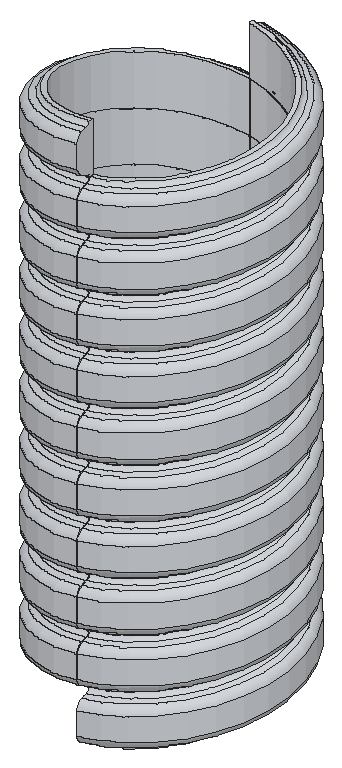
Revit family "110611-00014 Муфта соединительная резьбовая ССД-Пайп 63 мм", category Обобщенные модели, Revit 2019 (continued)
Automatic sketch dimensions
  profile plane to SweptBlend 16 sketch curve = 28.957 mm
  SweptBlend 16 sketch curve to SweptBlend 16 sketch curve = 0.469 mm  (x2)
  SweptBlend 16 sketch curve to SweptBlend 16 sketch curve = 0.61 mm  (x4)
  SweptBlend 16 sketch curve to SweptBlend 16 sketch curve = 2.183 mm  (x2)
  SweptBlend 16 sketch curve to SweptBlend 16 sketch curve = 5.322 mm  (x2)
  SweptBlend 16 sketch curve to SweptBlend 16 sketch curve = 0.824 mm  (x2)
  SweptBlend 16 sketch curve to SweptBlend 16 sketch curve = 1.222 mm  (x2)
  SweptBlend 16 sketch curve to SweptBlend 16 sketch curve = 1.998 mm  (x2)
  SweptBlend 16 sketch curve to SweptBlend 16 sketch curve = 1.06 mm  (x2)
  SweptBlend 16 sketch curve to SweptBlend 16 sketch curve = 1.094 mm  (x2)
  SweptBlend 16 sketch curve to SweptBlend 16 sketch curve = 1.676 mm  (x2)
  SweptBlend 16 sketch curve to SweptBlend 16 sketch curve = 1.122 mm  (x2)
  profile plane to SweptBlend 16 sketch curve = 43.957 mm
  SweptBlend 15 sketch curve to SweptBlend 15 sketch curve = 1.094 mm
  profile plane to SweptBlend 15 sketch curve = 43.957 mm
  SweptBlend 15 sketch curve to SweptBlend 15 sketch curve = 2.183 mm
  profile plane to SweptBlend 17 sketch curve = 9.5 mm  (x2)
  SweptBlend 17 sketch curve to SweptBlend 17 sketch curve = 1.998 mm  (x4)
  SweptBlend 17 sketch curve to SweptBlend 17 sketch curve = 1.06 mm  (x4)
  SweptBlend 17 sketch curve to SweptBlend 17 sketch curve = 3.092 mm  (x3)
  SweptBlend 17 sketch curve to SweptBlend 17 sketch curve = 1.676 mm  (x4)
  SweptBlend 17 sketch curve to SweptBlend 17 sketch curve = 1.122 mm  (x4)
  SweptBlend 17 sketch curve to SweptBlend 17 sketch curve = 1.305 mm  (x2)
  profile plane to SweptBlend 17 sketch curve = 28.957 mm
  SweptBlend 17 sketch curve to SweptBlend 17 sketch curve = 0.469 mm  (x2)
  SweptBlend 17 sketch curve to SweptBlend 17 sketch curve = 0.61 mm  (x4)
  SweptBlend 17 sketch curve to SweptBlend 17 sketch curve = 3.007 mm
  SweptBlend 17 sketch curve to SweptBlend 17 sketch curve = 5.322 mm  (x2)
  SweptBlend 17 sketch curve to SweptBlend 17 sketch curve = 0.824 mm  (x2)
  SweptBlend 17 sketch curve to SweptBlend 17 sketch curve = 1.222 mm  (x2)
  profile plane to SweptBlend 18 sketch curve = 9.5 mm  (x2)
  profile plane to SweptBlend 18 sketch curve = 7.502 mm  (x2)
  profile plane to SweptBlend 18 sketch curve = 6.443 mm  (x2)
  profile plane to SweptBlend 18 sketch curve = 6.408 mm  (x2)
  profile plane to SweptBlend 18 sketch curve = 5.827 mm  (x2)
  profile plane to SweptBlend 18 sketch curve = 4.705 mm  (x2)
  SweptBlend 18 sketch curve to SweptBlend 18 sketch curve = 1.305 mm  (x2)
  profile plane to SweptBlend 18 sketch curve = 28.957 mm
  SweptBlend 18 sketch curve to SweptBlend 18 sketch curve = 0.469 mm  (x2)
  SweptBlend 18 sketch curve to SweptBlend 18 sketch curve = 0.61 mm  (x4)
  SweptBlend 18 sketch curve to SweptBlend 18 sketch curve = 2.183 mm  (x2)
  SweptBlend 18 sketch curve to SweptBlend 18 sketch curve = 5.322 mm  (x2)
  SweptBlend 18 sketch curve to SweptBlend 18 sketch curve = 0.824 mm  (x2)
  SweptBlend 18 sketch curve to SweptBlend 18 sketch curve = 1.222 mm  (x2)
  SweptBlend 18 sketch curve to SweptBlend 18 sketch curve = 1.998 mm  (x2)
  SweptBlend 18 sketch curve to SweptBlend 18 sketch curve = 1.06 mm  (x2)
  SweptBlend 18 sketch curve to SweptBlend 18 sketch curve = 1.094 mm  (x2)
  SweptBlend 18 sketch curve to SweptBlend 18 sketch curve = 1.676 mm  (x2)
  SweptBlend 18 sketch curve to SweptBlend 18 sketch curve = 1.122 mm  (x2)
  profile plane to SweptBlend 18 sketch curve = 43.957 mm
  SweptBlend 17 sketch curve to SweptBlend 17 sketch curve = 1.094 mm
  profile plane to SweptBlend 17 sketch curve = 43.957 mm
  SweptBlend 17 sketch curve to SweptBlend 17 sketch curve = 2.183 mm
  profile plane to SweptBlend 19 sketch curve = 9.5 mm  (x2)
  SweptBlend 19 sketch curve to SweptBlend 19 sketch curve = 1.998 mm  (x4)
  SweptBlend 19 sketch curve to SweptBlend 19 sketch curve = 1.06 mm  (x4)
  SweptBlend 19 sketch curve to SweptBlend 19 sketch curve = 3.092 mm  (x3)
  SweptBlend 19 sketch curve to SweptBlend 19 sketch curve = 1.676 mm  (x4)
  SweptBlend 19 sketch curve to SweptBlend 19 sketch curve = 1.122 mm  (x4)
  SweptBlend 19 sketch curve to SweptBlend 19 sketch curve = 1.305 mm  (x2)
  profile plane to SweptBlend 19 sketch curve = 28.957 mm
  SweptBlend 19 sketch curve to SweptBlend 19 sketch curve = 0.469 mm  (x2)
  SweptBlend 19 sketch curve to SweptBlend 19 sketch curve = 0.61 mm  (x4)
  SweptBlend 19 sketch curve to SweptBlend 19 sketch curve = 3.007 mm
  SweptBlend 19 sketch curve to SweptBlend 19 sketch curve = 5.322 mm  (x2)
  SweptBlend 19 sketch curve to SweptBlend 19 sketch curve = 0.824 mm  (x2)
  SweptBlend 19 sketch curve to SweptBlend 19 sketch curve = 1.222 mm  (x2)
  profile plane to SweptBlend 20 sketch curve = 9.5 mm  (x2)
  profile plane to SweptBlend 20 sketch curve = 7.502 mm  (x2)
  profile plane to SweptBlend 20 sketch curve = 6.443 mm  (x2)
  profile plane to SweptBlend 20 sketch curve = 6.408 mm  (x2)
  profile plane to SweptBlend 20 sketch curve = 5.827 mm  (x2)
  profile plane to SweptBlend 20 sketch curve = 4.705 mm  (x2)
  SweptBlend 20 sketch curve to SweptBlend 20 sketch curve = 1.305 mm  (x2)
  profile plane to SweptBlend 20 sketch curve = 28.957 mm
  SweptBlend 20 sketch curve to SweptBlend 20 sketch curve = 0.469 mm  (x2)
  SweptBlend 20 sketch curve to SweptBlend 20 sketch curve = 0.61 mm  (x4)
  SweptBlend 20 sketch curve to SweptBlend 20 sketch curve = 2.183 mm  (x2)
  SweptBlend 20 sketch curve to SweptBlend 20 sketch curve = 5.322 mm  (x2)
  SweptBlend 20 sketch curve to SweptBlend 20 sketch curve = 0.824 mm  (x2)
  SweptBlend 20 sketch curve to SweptBlend 20 sketch curve = 1.222 mm  (x2)
  SweptBlend 20 sketch curve to SweptBlend 20 sketch curve = 1.998 mm  (x2)
  SweptBlend 20 sketch curve to SweptBlend 20 sketch curve = 1.06 mm  (x2)
  SweptBlend 20 sketch curve to SweptBlend 20 sketch curve = 1.094 mm  (x2)
  SweptBlend 20 sketch curve to SweptBlend 20 sketch curve = 1.676 mm  (x2)
  SweptBlend 20 sketch curve to SweptBlend 20 sketch curve = 1.122 mm  (x2)
  profile plane to SweptBlend 20 sketch curve = 43.957 mm
  SweptBlend 19 sketch curve to SweptBlend 19 sketch curve = 1.094 mm
  profile plane to SweptBlend 19 sketch curve = 43.957 mm
  SweptBlend 19 sketch curve to SweptBlend 19 sketch curve = 2.183 mm
  profile plane to SweptBlend 21 sketch curve = 9.5 mm  (x2)
  SweptBlend 21 sketch curve to SweptBlend 21 sketch curve = 1.998 mm  (x4)
  SweptBlend 21 sketch curve to SweptBlend 21 sketch curve = 1.06 mm  (x4)
  SweptBlend 21 sketch curve to SweptBlend 21 sketch curve = 3.092 mm  (x3)
  SweptBlend 21 sketch curve to SweptBlend 21 sketch curve = 1.676 mm  (x4)
  SweptBlend 21 sketch curve to SweptBlend 21 sketch curve = 1.122 mm  (x4)
  SweptBlend 21 sketch curve to SweptBlend 21 sketch curve = 1.305 mm  (x2)
  profile plane to SweptBlend 21 sketch curve = 28.957 mm
  SweptBlend 21 sketch curve to SweptBlend 21 sketch curve = 0.469 mm  (x2)
  SweptBlend 21 sketch curve to SweptBlend 21 sketch curve = 0.61 mm  (x4)
  SweptBlend 21 sketch curve to SweptBlend 21 sketch curve = 3.007 mm
  SweptBlend 21 sketch curve to SweptBlend 21 sketch curve = 5.322 mm  (x2)
  SweptBlend 21 sketch curve to SweptBlend 21 sketch curve = 0.824 mm  (x2)
  SweptBlend 21 sketch curve to SweptBlend 21 sketch curve = 1.222 mm  (x2)
  profile plane to SweptBlend 22 sketch curve = 9.5 mm  (x2)
  profile plane to SweptBlend 22 sketch curve = 7.502 mm  (x2)
  profile plane to SweptBlend 22 sketch curve = 6.443 mm  (x2)
  profile plane to SweptBlend 22 sketch curve = 6.408 mm  (x2)
  profile plane to SweptBlend 22 sketch curve = 5.827 mm  (x2)
  profile plane to SweptBlend 22 sketch curve = 4.705 mm  (x2)
  SweptBlend 22 sketch curve to SweptBlend 22 sketch curve = 1.305 mm  (x2)
  profile plane to SweptBlend 22 sketch curve = 28.957 mm
  SweptBlend 22 sketch curve to SweptBlend 22 sketch curve = 0.469 mm  (x2)
  SweptBlend 22 sketch curve to SweptBlend 22 sketch curve = 0.61 mm  (x4)
  SweptBlend 22 sketch curve to SweptBlend 22 sketch curve = 2.183 mm  (x2)
  SweptBlend 22 sketch curve to SweptBlend 22 sketch curve = 5.322 mm  (x2)
  SweptBlend 22 sketch curve to SweptBlend 22 sketch curve = 0.824 mm  (x2)
  SweptBlend 22 sketch curve to SweptBlend 22 sketch curve = 1.222 mm  (x2)
  SweptBlend 22 sketch curve to SweptBlend 22 sketch curve = 1.998 mm  (x2)
  SweptBlend 22 sketch curve to SweptBlend 22 sketch curve = 1.06 mm  (x2)
  SweptBlend 22 sketch curve to SweptBlend 22 sketch curve = 1.094 mm  (x2)
  SweptBlend 22 sketch curve to SweptBlend 22 sketch curve = 1.676 mm  (x2)
  SweptBlend 22 sketch curve to SweptBlend 22 sketch curve = 1.122 mm  (x2)
  profile plane to SweptBlend 22 sketch curve = 43.957 mm
  SweptBlend 21 sketch curve to SweptBlend 21 sketch curve = 1.094 mm
  profile plane to SweptBlend 21 sketch curve = 43.957 mm
  SweptBlend 21 sketch curve to SweptBlend 21 sketch curve = 2.183 mm
